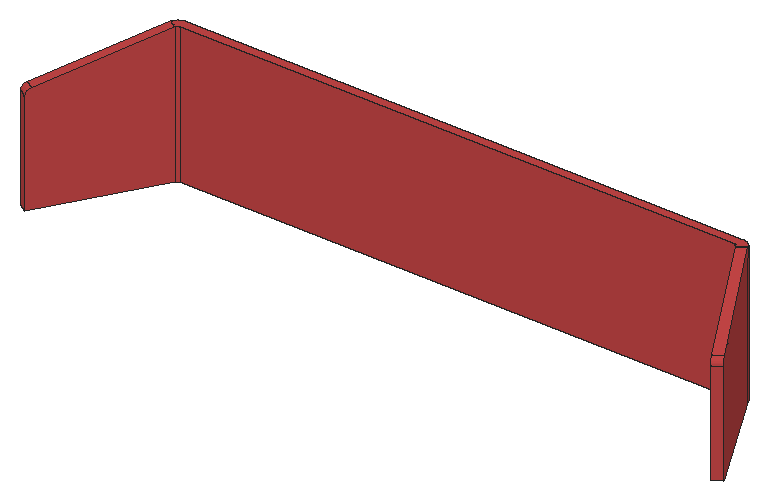
Revit family "Haworth_BuzziDesk_FlipFlop", category Furniture, Revit 2018
Family settings
  OmniClass Number = 23.40.70.14.64.21
  OmniClass Title = Systems Furniture
  Work Plane-Based = No
  Always vertical = Yes
  Cut with Voids When Loaded = No
  Shared = No
  Room Calculation Point = No
Parameters (values of type "HCBZ-DFS2 - High Screen - Large Sides")
  Width = 78 189/256"
  Warranty = "http://www.haworth.com/resources/product-info/warranties"
  Upholstery Finish [instance] = Haworth _ Fabric _ Trevira CS _ Berry BCS-4017
  URL - Product = "https://www.haworth.com/products/workspaces/accessories/buzzidesk-flip-flop"
  URL = "http://www.haworth.com/our-brands/haworth-collection"
  Small = no
  Size = "Verify Final Dim. w/ Haworth"  # constant formula
  Revision Number = "1"  # constant formula
  Model = "HCBZ-DFS"  # constant formula
  Min. Width = 31 1/2"  # constant formula
  Midsection Widths = "31.5, 39.37, 47.24, 55.12, 62.99, 70.87, 78.74 in"  # constant formula
  Max. Width = 78 189/256"  # constant formula
  Manufacturer = "Haworth"  # constant formula
  Low = no
  Large = not(Small)  # yes
  High = not(Low)  # yes
  Description = "Haworth BuzziDesk FlipFlop High Screen Large Sides"
  Custom Size = not(and(or(Actual Depth = 14 195/256", Actual Depth = 19 177/256"), or(Width = 31 1/2", Width = 39 95/256", Width = 47 61/256", Width = 55 31/256", Width = 62 253/256", Width = 70 223/256", Width = 78 189/256")))  # no
  Author = "Haworth (Abd Rahman)"  # constant formula
  Assembly Code = "E2020200"
  Actual Width = if(Width > Max. Width, Max. Width, if(Width < Min. Width, Min. Width, Width))  # 78 189/256"
  Actual Mounting Height = 29 5/8"  # constant formula
  Actual Height = if(Low, 13 25/32", 19 177/256")  # 19 177/256"
  Actual Depth = if(Small, 14 195/256", 19 177/256")  # 19 177/256"
Types (4): name | Small | Low | Large | High | Description | Actual Height | Actual Depth
  HCBZ-DFS1 - Low Screen - Small Sides | yes | yes | no | no | "Haworth BuzziDesk FlipFlop Low Screen Small Sides" | 13 25/32" | 14 195/256"
  HCBZ-DFS2 - High Screen - Small Sides | yes | no | no | yes | "Haworth BuzziDesk FlipFlop High Screen Small Sides" | 19 177/256" | 14 195/256"
  HCBZ-DFS1 - Low Screen - Large Sides | no | yes | yes | no | "Haworth BuzziDesk FlipFlop Low Screen Large Sides" | 13 25/32" | 19 177/256"
  HCBZ-DFS2 - High Screen - Large Sides | no | no | yes | yes | "Haworth BuzziDesk FlipFlop High Screen Large Sides" | 19 177/256" | 19 177/256"
Reference planes (in)
  plane 1 "Center F/B": y = -7.40625
  plane 2: z = 0
  plane 3 "Back": y = 2.43945
  plane 4 "Front": y = -17.25195
  plane 5 "Bottom": z = 29.625
  plane 6: x = 22.46038
  plane 7: z = 49.31641
  plane 8: x = -16.90876
  plane 9: x = 61.82952
  plane 10: x = 69.37815
  plane 11: x = -24.4574
Forms (in)
  Extrusion 1, solid, material "Haworth _ Fabric _ Trevira CS _ Berry BCS-4017" <- "Upholstery Finish"
    sketch origin (0, 0, 0) x (1, 0, 0) y (0, 1, 0)
      loop
        arc (-16.99905, 2.43945) -> (-17.10716, 2.43359) -> (-17.21399, 2.41608) r 1
        arc (-17.21399, 2.41608) -> (-17.95823, 2.07896) -> (-18.50192, 1.46908) r 1.97177
        line (-18.50192, 1.46908) -> (-17.27591, 0.76456)
        arc (-17.27591, 0.76456) -> (-17.12461, 0.96069) -> (-16.90631, 1.07773) r 0.59194
        line (-16.90631, 1.07773) -> (61.82706, 1.07773)
        arc (61.82706, 1.07773) -> (62.04537, 0.96069) -> (62.19666, 0.76456) r 0.59194
        line (62.19666, 0.76456) -> (63.42268, 1.46908)
        arc (63.42268, 1.46908) -> (62.87899, 2.07896) -> (62.13474, 2.41608) r 1.97177
        arc (62.13474, 2.41608) -> (62.02791, 2.43359) -> (61.91981, 2.43945) r 1
        line (61.91981, 2.43945) -> (-16.99905, 2.43945)
    from 29.625 to 49.31641
Lines and regions (in)
  Masking region 1
    outline origin (0, 0, 0) x (1, 0, 0) y (0, 1, 0)
      loop
        arc (-17.21399, 2.41608) -> (-17.95823, 2.07896) -> (-18.50192, 1.46908) r 1.97177
        line (-18.50192, 1.46908) -> (-17.27591, 0.76456)
        arc (-17.27591, 0.76456) -> (-17.12461, 0.96069) -> (-16.90631, 1.07773) r 0.59194
        line (-16.90631, 1.07773) -> (61.82706, 1.07773)
        arc (61.82706, 1.07773) -> (62.04537, 0.96069) -> (62.19666, 0.76456) r 0.59194
        line (62.19666, 0.76456) -> (63.42268, 1.46908)
        arc (63.42268, 1.46908) -> (62.87899, 2.07896) -> (62.13474, 2.41608) r 1.97177
        arc (62.13474, 2.41608) -> (62.02791, 2.43359) -> (61.91981, 2.43945) r 1
        line (61.91981, 2.43945) -> (-16.99905, 2.43945)
        arc (-16.99905, 2.43945) -> (-17.10716, 2.43359) -> (-17.21399, 2.41608) r 1
Dimensions and locks (in)
  "Actual Depth": plane 4 "Front" to plane 3 "Back"
  equal spacing: plane 4 "Front", plane 1 "Center F/B", plane 3 "Back"
  "Actual Height": plane 7 to plane 5 "Bottom"
  "Actual Mounting Height": plane 5 "Bottom" to plane 2
  "Width": plane 8 to plane 9
  equal spacing: plane 8, plane 6, plane 9
  equal spacing: plane 11, plane 6, plane 10
  locked: plane 11 to plane 8 at 7.54864
  plane 9 to plane 10 = 7.54864"
  aligned and locked: Extrusion 1 to plane 7  (x2)
  aligned and locked: Extrusion 1 to plane 5 "Bottom"
  aligned and locked: nested 2 to Extrusion 1
  aligned and locked: Masking region 1 sketch curve to Extrusion 1  (x6)
  aligned and locked: Masking region 1 sketch curve to nested 1
  aligned and locked: plane 9 to nested 2
  aligned and locked: plane 8 to nested 1
  aligned and locked: plane 3 "Back" to Extrusion 1 sketch curve  (x2)
  aligned and locked: nested 2 to plane 5 "Bottom"
  aligned and locked: plane 5 "Bottom" to nested 1
  aligned and locked: plane 5 "Bottom" to Extrusion 1
Automatic sketch dimensions
  Masking region 1 sketch curve to Masking region 1 sketch curve = 0.04823"
  Masking region 1 sketch curve to plane 9 = 0.09029"
  Masking region 1 sketch curve to plane 3 "Back" = 0.97037"
  Masking region 1 sketch curve to Masking region 1 sketch curve = 0.01866"
  Masking region 1 sketch curve to Masking region 1 sketch curve = 0.36173"
  Masking region 1 sketch curve to plane 3 "Back" = 0.02337"
  Masking region 1 sketch curve to Masking region 1 sketch curve = 0"
  plane 8 to Extrusion 1 sketch curve = 0.36715"
  plane 8 to Extrusion 1 sketch curve = 0.09029"
  Extrusion 1 sketch curve to plane 8 = 0.00246"
  Extrusion 1 sketch curve to plane 8 = 0.11858"
  Extrusion 1 sketch curve to Extrusion 1 sketch curve = 0.04823"  (x2)
  plane 9 to Extrusion 1 sketch curve = 0.16681"
  plane 9 to Extrusion 1 sketch curve = 0.00246"
  Extrusion 1 sketch curve to plane 9 = 0.09029"
  Extrusion 1 sketch curve to plane 9 = 0.36715"
  Extrusion 1 sketch curve to plane 3 "Back" = 0.97037"  (x2)
  Extrusion 1 sketch curve to Extrusion 1 sketch curve = 1.22601"
  Extrusion 1 sketch curve to Extrusion 1 sketch curve = 1"
  Extrusion 1 sketch curve to Extrusion 1 sketch curve = 0.36173"
  Extrusion 1 sketch curve to Extrusion 1 sketch curve = 0.31316"  (x2)
  Extrusion 1 sketch curve to Extrusion 1 sketch curve = 0.01866"  (x2)
  Extrusion 1 sketch curve to plane 3 "Back" = 0.02337"
  Extrusion 1 sketch curve to Extrusion 1 sketch curve = 0"
Nested families (in)
  nested 1: "Haworth_BuzziDesk_FlipFlop_PART" at (21.30161, 0, 0) x (-1, 0, 0) z (0, 0, 1), Upholstery Finish <- "Upholstery Finish", type "BuzziDesk - Flipflop - PART"
    with Upholstery Finish Haworth _ Fabric _ Trevira CS _ Berry BCS-4017, Small no, Low no, Large yes, High yes, Actual Height 19 177/256"
  nested 2: "Haworth_BuzziDesk_FlipFlop_PART" at (23.61914, 0, 0), Upholstery Finish <- "Upholstery Finish", type "BuzziDesk - Flipflop - PART"
    with Upholstery Finish Haworth _ Fabric _ Trevira CS _ Berry BCS-4017, Small no, Low no, Large yes, High yes, Actual Height 19 177/256"
Definition of nested family "Haworth_BuzziDesk_FlipFlop_PART"
  Parameters (values of type "BuzziDesk - Flipflop - PART")
    Width = 78 3/4"
    Warranty = "http://www.haworth.com/resources/product-info/warranties"
    Upholstery Finish [instance] = none
    URL - Product = "https://www.haworth.com/products/workspaces/accessories/buzzidesk-flip-flop"
    URL = "http://www.haworth.com/our-brands/haworth-collection"
    Small = yes
    Size = "Verify Final Dim. w/ Haworth"  # constant formula
    Revision Number = "1"  # constant formula
    Model = "Haworth BuzziDesk"  # constant formula
    Manufacturer = "Haworth"  # constant formula
    Low = yes
    Large = not(Small)  # no
    High = not(Low)  # no
    Description = "Haworth BuzziDesk - Flipflop - PART"
    Author = "Haworth (Abd Rahman)"  # constant formula
    Assembly Code = "E2020200"
    Actual Mounting Height = 29 5/8"  # constant formula
    Actual Height = if(Low, 13 25/32", 19 177/256")  # 13 25/32"
  Reference planes (in)
    plane 1 "Center F/B": y = -4.94141
    plane 2: z = 0
    plane 3 "Back": y = 2.43945
    plane 4 "Front": y = -12.32227
    plane 5 "Back Top": z = 29.625
    plane 6: x = 22.46038
    plane 7: z = 43.40625
    plane 8: x = 6.71038
    plane 9 "R1": x = 38.21038
    plane 10 "void 1": through (40.68222, -0.26032, 48) normal (0.867, 0.4982, 0)
    plane 11 "Face 1": through (45.67095, -8.94179, 48) normal (0.4982, -0.867, 0)
    plane 12 "Face 2": through (39.71701, 1.41936, 48) normal (0.4982, -0.867, 0)
  Forms (in)
    Extrusion 1, solid, material <- "Upholstery Finish", visible <- "Small"
      sketch origin (30.4708, 17.50977, 0) x (-0.498237, 0.867041, 0) y (0, 0, 1)
        loop
          line (-18.55785, 43.40647) -> (-29.75132, 40.59677)
          arc (-29.75132, 40.59677) -> (-30.29636, 40.24189) -> (-30.50786, 39.62686) r 1
          line (-30.50786, 39.62686) -> (-30.50786, 29.625) -> (-18.55785, 29.625) -> (-18.55785, 43.40647)
      from -1.31429 to 0.10156
    Extrusion 2, solid, material <- "Upholstery Finish", visible <- "Large"
      sketch origin (30.4708, 17.50977, 0) x (-0.498237, 0.867041, 0) y (0, 0, 1)
        loop
          line (-18.55785, 43.40647) -> (-35.66053, 39.11348)
          arc (-35.66053, 39.11348) -> (-36.20557, 38.7586) -> (-36.41707, 38.14357) r 1
          line (-36.41707, 38.14357) -> (-36.41707, 29.625) -> (-18.55785, 29.625) -> (-18.55785, 43.40647)
      from -1.31429 to 0.10156
  Lines and regions (in)
    Masking region 1, visible <- "Large"
      outline origin (0, 0, 0) x (1, 0, 0) y (0, 1, 0)
        loop
          line (39.80507, 1.46996) -> (38.57746, 0.76453) -> (47.47559, -14.72014) -> (48.7032, -14.01471) -> (39.80507, 1.46996)
    Masking region 2, visible <- "Small"
      outline origin (0, 0, 0) x (1, 0, 0) y (0, 1, 0)
        loop
          line (44.53141, -9.59662) -> (45.75901, -8.89119) -> (39.80507, 1.46996) -> (38.57746, 0.76453) -> (44.53141, -9.59662)
  Dimensions and locks (in)
    "Actual Height": plane 7 to plane 5 "Back Top"
    "Actual Mounting Height": plane 5 "Back Top" to plane 2
    plane 8 to plane 9 "R1" = 31 1/2"
    equal spacing: plane 8, plane 6, plane 9 "R1"
    plane 9 "R1" to plane 10 "void 1" = 0.92045"
    plane 9 "R1" to plane 10 "void 1" = 9.40314"
    aligned and locked: Extrusion 1 sketch curve to plane 12 "Face 2"
    aligned and locked: Extrusion 1 sketch curve to plane 11 "Face 1"
    aligned and locked: plane 5 "Back Top" to Extrusion 1 sketch curve
  Automatic sketch dimensions
    Extrusion 1 sketch curve to plane 11 "Face 1" = 0.75654"
    Extrusion 1 sketch curve to Extrusion 1 sketch curve = 0.24346"
    Extrusion 1 sketch curve to plane 7 = 3.77939"
    plane 7 to Extrusion 1 sketch curve = 0.00022"
    plane 5 "Back Top" to Extrusion 2 sketch curve = 0"
    Extrusion 2 sketch curve to plane 12 "Face 2" = 0"
    plane 11 "Face 1" to Extrusion 2 sketch curve = 4.90921"
    Extrusion 2 sketch curve to Extrusion 2 sketch curve = 0.24346"
    Extrusion 2 sketch curve to plane 7 = 5.26268"
    plane 7 to Extrusion 2 sketch curve = 0.00022"
    plane 11 "Face 1" to Extrusion 2 sketch curve = 5.90921"
    plane 12 "Face 2" to Masking region 1 sketch curve = 0"  (x2)
    Masking region 1 sketch curve to plane 9 "R1" = 0.36709"
    Masking region 1 sketch curve to plane 3 "Back" = 0.96949"
    plane 4 "Front" to Masking region 1 sketch curve = 1.69244"
    plane 12 "Face 2" to Masking region 2 sketch curve = 0"  (x2)
    plane 11 "Face 1" to Masking region 2 sketch curve = 0"
    Masking region 2 sketch curve to plane 4 "Front" = 3.43108"
    Masking region 2 sketch curve to plane 4 "Front" = 2.72565"
